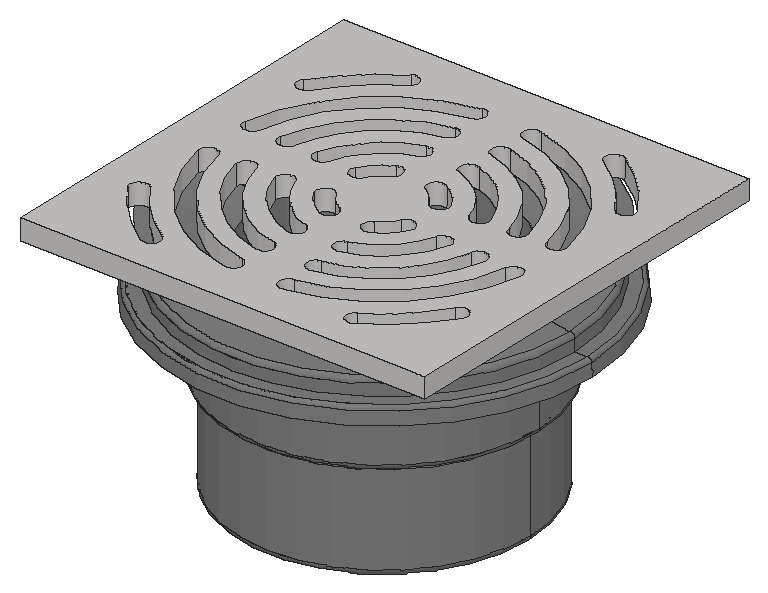
Revit family "PlumbingFixture_Drain_Galvin_DV200S", category Plumbing Fixtures, host Face, Revit 2011
Parameters (values of type "DV4S08SX - ST/ST 316")
  URL = "www.galvinengineering.com.au"
  Type Comments = "Square"
  StyleOrType_ANZRS = "Drain"
  ModifiedIssue_ANZRS = 20140526.01  # constant formula
  Model = "DV4S08SX - ST/ST 316"
  Manufacturer = "Galvin Engineering"
  Keynote = "10800"
  Instructions = "http://www.galvinengineering.com.au/Installation_Guides_1.aspx"
  GrateMaterial = Metal_Drains_Stainless-Steel_15400
  FilterObject_ANZRS = "DV-SX"
  OutletRadius_DoNotEdit = 50 mm
  DimTop = 200 mm  # constant formula
  DimOutlet = if(OutletRadius_DoNotEdit > 0 mm, (OutletRadius_DoNotEdit * 2), (OutletRadius_DoNotEdit * 2))  # 100 mm
  DimGrateHeight = 35 mm  # constant formula
  DimBodyHeight = 92 mm  # constant formula
  DimAdjustableTop = 58 mm  # constant formula
  Description = "Square Vertical Drain Combination - Standard"
  Default Elevation = 0 mm
  CreatedBy_ANZRS = "Galvin Engineering"
  CreatedByURL_ANZRS = "www.galvinengineering.com.au"
  CreatedByPhoneNo_ANZRS = "61-8-92495900"
  Circulation_ANZRS = yes
  CHWFlow_ANZRS = 6.4 L/s
  BodyMaterial = Metal_Drains_Cast-Iron_15400
  Assembly Code = "D2040200"
  Application = "PVC/HDPE"
Types (3, lengths in mm): name | Model | OutletRadius_DoNotEdit | DimOutlet
  (no name) | "DV4S08SX - ST/ST 316" | 50 | 100
  DV4S08SX - ST/ST 316 | "DV4S08SX - ST/ST 316" | 50 | 100
  DV6S08SX - ST/ST 316 | "DV6S08SX - ST/ST 316" | 75 | 150
Reference planes
  plane 1 "Center (Front/Back)": y = 0
  plane 2 "Face": z = 0
  plane 3 "Center (Left/Right)": x = 0
  plane 4 "Left": x = -100
  plane 5 "Right": x = 100
  plane 6 "GrateHeight": z = -35
  plane 7 "Bottom": z = -127
  plane 8 "AdjustableTop": z = 58
Forms (mm)
  Revolve 1, solid, material "Metal_Drains_Cast-Iron_15400" <- "BodyMaterial"
    sketch origin (0, 0, 0) x (1, 0, 0) y (0, 0, 1)
      loop
        arc (102.389, -36.747) -> (101.751, -35.502) -> (100.445, -35.002) r 1.955
        line (100.445, -35.002) -> (94, -35.002) -> (94, -29.316)
        arc (94, -29.316) -> (93.372, -27.659) -> (91.804, -26.834) r 2.5
        line (91.804, -26.834) -> (70.928, -24.277) -> (66.268, -24.277) -> (66.268, -22.776) -> (97, -10) -> (90.744, -10) -> (59.708, -22.902) -> (59.708, -75.162) -> (50, -79.527) -> (50, -127) -> (69.376, -127)
        arc (69.376, -127) -> (71.498, -126.121) -> (72.376, -124) r 3
        line (72.376, -124) -> (72.376, -79.527)
        arc (72.376, -79.527) -> (73.016, -77.984) -> (74.559, -77.345) r 2.183
        arc (74.559, -77.345) -> (76.102, -76.705) -> (76.741, -75.162) r 2.183
        line (76.741, -75.162) -> (76.741, -48.212)
        arc (76.741, -48.212) -> (77.525, -46.191) -> (79.466, -45.225) r 3
        line (79.466, -45.225) -> (103.07, -43.05) -> (102.389, -36.747)
      axis (0, -10) -> (0, -127)
    angle from 0 to 360
  Extrusion 2, solid, material "Metal_Drains_Stainless-Steel_15400" <- "GrateMaterial"
    sketch origin (0, 0, 0) x (1, 0, 0) y (0, 1, 0)
      loop
        line (-100, -100) -> (100, -100) -> (100, 100) -> (-100, 100) -> (-100, -100)
      loop
        arc (-52.958, 82.645) -> (-69.472, 69.531) -> (-82.834, 53.218) r 99
        arc (-82.834, 53.218) -> (-81.533, 46.988) -> (-75.303, 48.289) r 4.5
        arc (-75.303, 48.289) -> (-63.156, 63.119) -> (-48.144, 75.041) r 90
        arc (-48.144, 75.041) -> (-46.749, 81.25) -> (-52.958, 82.645) r 4.5
      loop
        arc (-14.61, 78.671) -> (-57.349, 56.202) -> (-79.709, 13.407) r 81
        arc (-79.709, 13.407) -> (-76.081, 8.178) -> (-70.852, 11.806) r 4.5
        arc (-70.852, 11.806) -> (-50.977, 49.847) -> (-12.987, 69.819) r 72
        arc (-12.987, 69.819) -> (-9.372, 75.057) -> (-14.61, 78.671) r 4.5
      loop
        arc (-13.745, 60.482) -> (-44.605, 43.491) -> (-61.517, 12.588) r 63
        arc (-61.517, 12.588) -> (-58.094, 7.223) -> (-52.729, 10.647) r 4.5
        arc (-52.729, 10.647) -> (-38.232, 37.135) -> (-11.781, 51.699) r 54
        arc (-11.781, 51.699) -> (-8.371, 57.073) -> (-13.745, 60.482) r 4.5
      loop
        arc (-13.02, 42.075) -> (-31.86, 30.779) -> (-43.108, 11.911) r 45
        arc (-43.108, 11.911) -> (-40.088, 6.309) -> (-34.487, 9.328) r 4.5
        arc (-34.487, 9.328) -> (-25.488, 24.423) -> (-10.416, 33.46) r 36
        arc (-10.416, 33.46) -> (-7.411, 39.07) -> (-13.02, 42.075) r 4.5
      loop
        arc (-12.766, 22.792) -> (-19.116, 18.068) -> (-23.824, 11.705) r 27
        arc (-23.824, 11.705) -> (-21.971, 5.617) -> (-15.883, 7.47) r 4.5
        arc (-15.883, 7.47) -> (-12.744, 11.712) -> (-8.51, 14.861) r 18
        arc (-8.51, 14.861) -> (-6.673, 20.954) -> (-12.766, 22.792) r 4.5
      loop
        arc (-82.834, -55.222) -> (-69.472, -71.535) -> (-52.958, -84.649) r 99
        arc (-52.958, -84.649) -> (-46.749, -83.254) -> (-48.144, -77.045) r 4.5
        arc (-48.144, -77.045) -> (-63.156, -65.123) -> (-75.303, -50.293) r 90
        arc (-75.303, -50.293) -> (-81.533, -48.992) -> (-82.834, -55.222) r 4.5
      loop
        arc (-79.671, -15.614) -> (-57.202, -58.353) -> (-14.407, -80.713) r 81
        arc (-14.407, -80.713) -> (-9.178, -77.085) -> (-12.806, -71.856) r 4.5
        arc (-12.806, -71.856) -> (-50.847, -51.981) -> (-70.819, -13.991) r 72
        arc (-70.819, -13.991) -> (-76.057, -10.376) -> (-79.671, -15.614) r 4.5
      loop
        arc (-61.482, -14.749) -> (-44.491, -45.609) -> (-13.588, -62.521) r 63
        arc (-13.588, -62.521) -> (-8.223, -59.098) -> (-11.647, -53.733) r 4.5
        arc (-11.647, -53.733) -> (-38.135, -39.236) -> (-52.699, -12.785) r 54
        arc (-52.699, -12.785) -> (-58.073, -9.375) -> (-61.482, -14.749) r 4.5
      loop
        arc (-43.075, -14.024) -> (-31.779, -32.864) -> (-12.911, -44.112) r 45
        arc (-12.911, -44.112) -> (-7.309, -41.092) -> (-10.328, -35.491) r 4.5
        arc (-10.328, -35.491) -> (-25.423, -26.492) -> (-34.46, -11.42) r 36
        arc (-34.46, -11.42) -> (-40.07, -8.415) -> (-43.075, -14.024) r 4.5
      loop
        arc (-8.47, -16.887) -> (-12.712, -13.748) -> (-15.861, -9.514) r 18
        arc (-15.861, -9.514) -> (-21.954, -7.677) -> (-23.792, -13.77) r 4.5
        arc (-23.792, -13.77) -> (-18.94, -20.247) -> (-12.386, -24.996) r 27
        arc (-12.386, -24.996) -> (-6.553, -22.818) -> (-8.47, -16.887) r 4.5
      loop
        arc (52.958, -84.649) -> (69.472, -71.535) -> (82.834, -55.222) r 99
        arc (82.834, -55.222) -> (81.533, -48.992) -> (75.303, -50.293) r 4.5
        arc (75.303, -50.293) -> (63.156, -65.123) -> (48.144, -77.045) r 90
        arc (48.144, -77.045) -> (46.749, -83.254) -> (52.958, -84.649) r 4.5
      loop
        arc (14.61, -80.675) -> (57.349, -58.206) -> (79.709, -15.411) r 81
        arc (79.709, -15.411) -> (76.081, -10.182) -> (70.852, -13.81) r 4.5
        arc (70.852, -13.81) -> (50.977, -51.851) -> (12.987, -71.823) r 72
        arc (12.987, -71.823) -> (9.372, -77.061) -> (14.61, -80.675) r 4.5
      loop
        arc (13.745, -62.486) -> (44.605, -45.495) -> (61.517, -14.592) r 63
        arc (61.517, -14.592) -> (58.094, -9.227) -> (52.729, -12.651) r 4.5
        arc (52.729, -12.651) -> (38.232, -39.139) -> (11.781, -53.703) r 54
        arc (11.781, -53.703) -> (8.371, -59.077) -> (13.745, -62.486) r 4.5
      loop
        arc (13.02, -44.079) -> (31.86, -32.783) -> (43.108, -13.915) r 45
        arc (43.108, -13.915) -> (40.088, -8.313) -> (34.487, -11.332) r 4.5
        arc (34.487, -11.332) -> (25.488, -26.427) -> (10.416, -35.464) r 36
        arc (10.416, -35.464) -> (7.411, -41.074) -> (13.02, -44.079) r 4.5
      loop
        arc (12.766, -24.796) -> (19.116, -20.072) -> (23.824, -13.709) r 27
        arc (23.824, -13.709) -> (21.971, -7.621) -> (15.883, -9.474) r 4.5
        arc (15.883, -9.474) -> (12.744, -13.716) -> (8.51, -16.865) r 18
        arc (8.51, -16.865) -> (6.673, -22.958) -> (12.766, -24.796) r 4.5
      loop
        arc (82.834, 53.218) -> (69.472, 69.531) -> (52.958, 82.645) r 99
        arc (52.958, 82.645) -> (46.749, 81.25) -> (48.144, 75.041) r 4.5
        arc (48.144, 75.041) -> (63.156, 63.119) -> (75.303, 48.289) r 90
        arc (75.303, 48.289) -> (81.533, 46.988) -> (82.834, 53.218) r 4.5
      loop
        arc (79.671, 13.61) -> (57.202, 56.349) -> (14.407, 78.709) r 81
        arc (14.407, 78.709) -> (9.178, 75.081) -> (12.806, 69.852) r 4.5
        arc (12.806, 69.852) -> (50.847, 49.977) -> (70.819, 11.987) r 72
        arc (70.819, 11.987) -> (76.057, 8.372) -> (79.671, 13.61) r 4.5
      loop
        arc (61.482, 12.745) -> (44.491, 43.605) -> (13.588, 60.517) r 63
        arc (13.588, 60.517) -> (8.223, 57.094) -> (11.647, 51.729) r 4.5
        arc (11.647, 51.729) -> (38.135, 37.232) -> (52.699, 10.781) r 54
        arc (52.699, 10.781) -> (58.073, 7.371) -> (61.482, 12.745) r 4.5
      loop
        arc (43.075, 12.02) -> (31.779, 30.86) -> (12.911, 42.108) r 45
        arc (12.911, 42.108) -> (7.309, 39.088) -> (10.328, 33.487) r 4.5
        arc (10.328, 33.487) -> (25.423, 24.488) -> (34.46, 9.416) r 36
        arc (34.46, 9.416) -> (40.07, 6.411) -> (43.075, 12.02) r 4.5
      loop
        arc (23.792, 11.766) -> (19.068, 18.116) -> (12.705, 22.824) r 27
        arc (12.705, 22.824) -> (6.617, 20.971) -> (8.47, 14.883) r 4.5
        arc (8.47, 14.883) -> (12.712, 11.744) -> (15.861, 7.51) r 18
        arc (15.861, 7.51) -> (21.954, 5.673) -> (23.792, 11.766) r 4.5
    from 0 to -10
  Revolve 3, void
    sketch origin (0, 0, 0) x (1, 0, 0) y (0, 0, 1)
      loop
        arc (102.389, -36.747) -> (101.751, -35.502) -> (100.445, -35.002) r 1.955
        line (100.445, -35.002) -> (94, -35.002) -> (94, -29.316)
        arc (94, -29.316) -> (93.372, -27.659) -> (91.804, -26.834) r 2.5
        line (91.804, -26.834) -> (70.928, -24.277) -> (66.268, -24.277) -> (66.268, -22.776) -> (97, -10) -> (0, -10) -> (0, -127) -> (69.376, -127)
        arc (69.376, -127) -> (71.498, -126.121) -> (72.376, -124) r 3
        line (72.376, -124) -> (72.376, -79.527)
        arc (72.376, -79.527) -> (73.016, -77.984) -> (74.559, -77.345) r 2.183
        arc (74.559, -77.345) -> (76.102, -76.705) -> (76.741, -75.162) r 2.183
        line (76.741, -75.162) -> (76.741, -48.212)
        arc (76.741, -48.212) -> (77.525, -46.191) -> (79.466, -45.225) r 3
        line (79.466, -45.225) -> (103.07, -43.05) -> (102.389, -36.747)
      axis (0, -10) -> (0, -127)
    angle from 0 to 360
  Extrusion 4, void
    sketch origin (0, 0, 0) x (1, 0, 0) y (0, 1, 0)
      loop
        line (-100, -100) -> (100, -100) -> (100, 100) -> (-100, 100) -> (-100, -100)
    from 0 to -10
Lines and regions (mm)
  symbolic lines, style "Waste Outlets"
    curve 1: line (-92, -89, 0) -> (-92, 89, 0)
    curve 2: arc (-92, 89, 0) -> (-91.121, 91.121, 0) -> (-89, 92, 0) r 3
    curve 3: line (-89, 92, 0) -> (89, 92, 0)
    curve 4: arc (89, 92, 0) -> (91.121, 91.121, 0) -> (92, 89, 0) r 3
    curve 5: line (92, 89, 0) -> (92, -89, 0)
    curve 6: arc (92, -89, 0) -> (91.121, -91.121, 0) -> (89, -92, 0) r 3
    curve 7: line (89, -92, 0) -> (-89, -92, 0)
    curve 8: arc (-89, -92, 0) -> (-91.121, -91.121, 0) -> (-92, -89, 0) r 3
    curve 17: circle (-82, -82, 0) r 6 normal (0, 0, 1)
    curve 19: circle (82, -82, 0) r 6 normal (0, 0, 1)
  symbolic lines, style "Waste Outlets", detail levels medium+fine
    curve 9: line (-90.5, -88, 0) -> (-90.5, 86, 0)
    curve 10: arc (-90.5, 86, 0) -> (-89.621, 88.121, 0) -> (-87.5, 89, 0) r 3
    curve 11: line (-87.5, 89, 0) -> (87.5, 89, 0)
    curve 12: arc (87.5, 89, 0) -> (89.621, 88.121, 0) -> (90.5, 86, 0) r 3
    curve 13: line (90.5, 86, 0) -> (90.5, -88, 0)
    curve 14: arc (90.5, -88, 0) -> (89.621, -90.121, 0) -> (87.5, -91, 0) r 3
    curve 15: line (87.5, -91, 0) -> (-87.5, -91, 0)
    curve 16: arc (-87.5, -91, 0) -> (-89.621, -90.121, 0) -> (-90.5, -88, 0) r 3
    curve 18: circle (-82, -82, 0) r 3.673 normal (0, 0, 1)
    curve 20: circle (82, -82, 0) r 3.673 normal (0, 0, 1)
Dimensions and locks
  "DimTop": plane 4 "Left" to plane 5 "Right"
  "DimGrateHeight": host face to plane 6 "GrateHeight"
  "DimBodyHeight": plane 6 "GrateHeight" to plane 7 "Bottom"
  "DimAdjustableTop": plane 8 "AdjustableTop" to plane 2 "Face"
  aligned and locked: plane 2 "Face" to host face
  aligned and locked: level to host face
Automatic sketch dimensions
  curve 17 to curve 18 = 0 mm  (x2)
  curve 19 to curve 20 = 0 mm  (x2)
  curve 1 to plane 4 "Left" = 8 mm
  curve 2 to curve 10 = 1.5 mm  (x2)
  curve 8 to curve 8 = 3 mm
  curve 2 to curve 2 = 3 mm
  curve 8 to curve 15 = 1.5 mm
  curve 16 to curve 18 = 5.5 mm
  curve 19 to plane 5 "Right" = 18 mm
  curve 19 to curve 15 = 5.5 mm
  curve 11 to plane 5 "Right" = 12.5 mm
  curve 11 to curve 4 = 1.5 mm
  curve 14 to curve 6 = 1.5 mm
  curve 6 to curve 13 = 1.5 mm
  curve 13 to curve 6 = 1.5 mm
  plane 1 "Center (Front/Back)" to curve 7 = 92 mm
  curve 8 to curve 16 = 1 mm
  curve 16 to curve 17 = 6 mm
  curve 14 to curve 20 = 6 mm
  curve 10 to plane 1 "Center (Front/Back)" = 86 mm
  curve 12 to curve 5 = 3 mm
  host sketch curve to host sketch curve = 400 mm  (x2)
  Revolve 1 sketch curve to plane 3 "Center (Left/Right)" = 0 mm
  plane 3 "Center (Left/Right)" to Revolve 1 sketch curve = 50 mm
  Revolve 1 sketch curve to Revolve 1 sketch curve = 9.708 mm
  Revolve 1 sketch curve to Revolve 1 sketch curve = 6.56 mm
  Revolve 1 sketch curve to Revolve 1 sketch curve = 19.376 mm
  Revolve 1 sketch curve to Revolve 1 sketch curve = 4.66 mm
  Revolve 1 sketch curve to Revolve 1 sketch curve = 3 mm
  Revolve 1 sketch curve to Revolve 1 sketch curve = 2.183 mm
  Revolve 1 sketch curve to plane 5 "Right" = 23.259 mm
  Revolve 1 sketch curve to Revolve 1 sketch curve = 2.725 mm
  Revolve 1 sketch curve to Revolve 1 sketch curve = 0.275 mm
  Revolve 1 sketch curve to plane 5 "Right" = 9.256 mm
  Revolve 1 sketch curve to plane 5 "Right" = 8.5 mm
  Revolve 1 sketch curve to Revolve 1 sketch curve = 0.304 mm
  Revolve 1 sketch curve to plane 5 "Right" = 6 mm
  Revolve 1 sketch curve to plane 5 "Right" = 3 mm
  plane 5 "Right" to Revolve 1 sketch curve = 0.445 mm
  Revolve 1 sketch curve to Revolve 1 sketch curve = 1.944 mm
  plane 5 "Right" to Revolve 1 sketch curve = 3.07 mm
  Revolve 1 sketch curve to level = 127 mm
  Revolve 1 sketch curve to Revolve 1 sketch curve = 44.491 mm
  Revolve 1 sketch curve to Revolve 1 sketch curve = 47.473 mm
  Revolve 1 sketch curve to Revolve 1 sketch curve = 0 mm  (x2)
  Revolve 1 sketch curve to Revolve 1 sketch curve = 4.365 mm
  Revolve 1 sketch curve to Revolve 1 sketch curve = 26.95 mm
  Revolve 1 sketch curve to Revolve 1 sketch curve = 2.175 mm
  Revolve 1 sketch curve to Revolve 1 sketch curve = 6.093 mm
  Revolve 1 sketch curve to Revolve 1 sketch curve = 0.21 mm
  Revolve 1 sketch curve to Revolve 1 sketch curve = 5.686 mm
  Revolve 1 sketch curve to level = 24.277 mm
  Revolve 1 sketch curve to Revolve 1 sketch curve = 1.374 mm
  Revolve 1 sketch curve to Revolve 1 sketch curve = 1.501 mm
  Revolve 1 sketch curve to level = 10 mm
  level to Revolve 1 sketch curve = 32.491 mm
  Extrusion 2 sketch curve to Extrusion 2 sketch curve = 0 mm  (x819)
  Extrusion 2 sketch curve to plane 4 "Left" = 0 mm
  Extrusion 2 sketch curve to plane 3 "Center (Left/Right)" = 0 mm  (x2)
  Extrusion 2 sketch curve to plane 5 "Right" = 0 mm
  Extrusion 2 sketch curve to plane 4 "Left" = 17.166 mm  (x2)
  Extrusion 2 sketch curve to plane 4 "Left" = 20.291 mm
  Extrusion 2 sketch curve to plane 4 "Left" = 20.329 mm
  Extrusion 2 sketch curve to Extrusion 2 sketch curve = 3.765 mm  (x4)
  Extrusion 2 sketch curve to Extrusion 2 sketch curve = 4.428 mm  (x2)
  Extrusion 2 sketch curve to Extrusion 2 sketch curve = 4.426 mm  (x2)
  Extrusion 2 sketch curve to Extrusion 2 sketch curve = 9.335 mm  (x2)
  Extrusion 2 sketch curve to Extrusion 2 sketch curve = 9.337 mm  (x2)
  Extrusion 2 sketch curve to Extrusion 2 sketch curve = 4.394 mm  (x2)
  Extrusion 2 sketch curve to Extrusion 2 sketch curve = 4.392 mm  (x2)
  Extrusion 2 sketch curve to Extrusion 2 sketch curve = 22.345 mm  (x2)
  Extrusion 2 sketch curve to Extrusion 2 sketch curve = 2.407 mm  (x4)
  Extrusion 2 sketch curve to Extrusion 2 sketch curve = 9.621 mm  (x2)
  Extrusion 2 sketch curve to Extrusion 2 sketch curve = 9.624 mm  (x2)
  Extrusion 2 sketch curve to Extrusion 2 sketch curve = 4.311 mm  (x2)
  Extrusion 2 sketch curve to Extrusion 2 sketch curve = 4.308 mm  (x2)
  Extrusion 2 sketch curve to Extrusion 2 sketch curve = 10.663 mm  (x2)
  Extrusion 2 sketch curve to Extrusion 2 sketch curve = 10.669 mm  (x2)
  Extrusion 2 sketch curve to Extrusion 2 sketch curve = 3.971 mm  (x2)
  Extrusion 2 sketch curve to Extrusion 2 sketch curve = 3.965 mm  (x2)
  Extrusion 2 sketch curve to plane 3 "Center (Left/Right)" = 14.61 mm
  Extrusion 2 sketch curve to plane 3 "Center (Left/Right)" = 14.407 mm
  Extrusion 2 sketch curve to Extrusion 2 sketch curve = 0.812 mm  (x2)
  Extrusion 2 sketch curve to Extrusion 2 sketch curve = 0.758 mm  (x4)
  Extrusion 2 sketch curve to Extrusion 2 sketch curve = 0.8 mm  (x2)
  Extrusion 2 sketch curve to Extrusion 2 sketch curve = 0.782 mm  (x4)
  Extrusion 2 sketch curve to Extrusion 2 sketch curve = 1.239 mm  (x4)
  Extrusion 2 sketch curve to Extrusion 2 sketch curve = 1.264 mm  (x4)
  Extrusion 2 sketch curve to Extrusion 2 sketch curve = 2.349 mm  (x2)
  Extrusion 2 sketch curve to Extrusion 2 sketch curve = 0.982 mm  (x2)
  Extrusion 2 sketch curve to Extrusion 2 sketch curve = 0.971 mm  (x2)
  Extrusion 2 sketch curve to Extrusion 2 sketch curve = 2.057 mm
  Extrusion 2 sketch curve to Extrusion 2 sketch curve = 1.302 mm  (x2)
  Extrusion 2 sketch curve to Extrusion 2 sketch curve = 1.291 mm  (x2)
  Extrusion 2 sketch curve to Extrusion 2 sketch curve = 2.128 mm  (x3)
  Extrusion 2 sketch curve to Extrusion 2 sketch curve = 1.78 mm
  Extrusion 2 sketch curve to Extrusion 2 sketch curve = 0.008 mm
  plane 3 "Center (Left/Right)" to Extrusion 2 sketch curve = 8.47 mm
  plane 3 "Center (Left/Right)" to Extrusion 2 sketch curve = 8.51 mm
  plane 3 "Center (Left/Right)" to Extrusion 2 sketch curve = 10.328 mm
  plane 3 "Center (Left/Right)" to Extrusion 2 sketch curve = 10.416 mm
  Extrusion 2 sketch curve to Extrusion 2 sketch curve = 2.118 mm
  Extrusion 2 sketch curve to plane 1 "Center (Front/Back)" = 7.51 mm
  Extrusion 2 sketch curve to Extrusion 2 sketch curve = 7.391 mm
  Extrusion 2 sketch curve to Extrusion 2 sketch curve = 7.372 mm
  Extrusion 2 sketch curve to Extrusion 2 sketch curve = 33.534 mm
  Extrusion 2 sketch curve to Extrusion 2 sketch curve = 33.737 mm
  Extrusion 2 sketch curve to plane 5 "Right" = 24.697 mm  (x2)
  Extrusion 2 sketch curve to plane 1 "Center (Front/Back)" = 7.47 mm
  plane 1 "Center (Front/Back)" to Extrusion 2 sketch curve = 1 mm
  Extrusion 2 sketch curve to Extrusion 2 sketch curve = 0.004 mm
  plane 1 "Center (Front/Back)" to Extrusion 2 sketch curve = 9.474 mm
  plane 1 "Center (Front/Back)" to Extrusion 2 sketch curve = 9.514 mm
  Extrusion 2 sketch curve to Extrusion 2 sketch curve = 2.377 mm
  Extrusion 2 sketch curve to Extrusion 2 sketch curve = 0.011 mm
  Extrusion 2 sketch curve to Extrusion 2 sketch curve = 34.679 mm  (x2)
  Extrusion 2 sketch curve to Extrusion 2 sketch curve = 34.882 mm  (x2)
  Extrusion 2 sketch curve to Extrusion 2 sketch curve = 44.778 mm
  Extrusion 2 sketch curve to plane 1 "Center (Front/Back)" = 9.328 mm
  Extrusion 2 sketch curve to plane 1 "Center (Front/Back)" = 9.416 mm
  Extrusion 2 sketch curve to Extrusion 2 sketch curve = 46.782 mm
  Revolve 3 sketch curve to plane 3 "Center (Left/Right)" = 0 mm  (x2)
  Revolve 3 sketch curve to plane 5 "Right" = 33.732 mm
  Revolve 3 sketch curve to plane 5 "Right" = 30.624 mm
  Revolve 3 sketch curve to Revolve 3 sketch curve = 4.66 mm
  Revolve 3 sketch curve to Revolve 3 sketch curve = 3 mm
  Revolve 3 sketch curve to Revolve 3 sketch curve = 2.183 mm  (x2)
  Revolve 3 sketch curve to Revolve 3 sketch curve = 2.725 mm
  Revolve 3 sketch curve to Revolve 3 sketch curve = 0.275 mm
  Revolve 3 sketch curve to plane 5 "Right" = 8.5 mm
  Revolve 3 sketch curve to Revolve 3 sketch curve = 0.304 mm
  Revolve 3 sketch curve to plane 5 "Right" = 6 mm
  Revolve 3 sketch curve to plane 5 "Right" = 3 mm
  plane 5 "Right" to Revolve 3 sketch curve = 0.445 mm
  Revolve 3 sketch curve to Revolve 3 sketch curve = 1.944 mm
  plane 5 "Right" to Revolve 3 sketch curve = 3.07 mm
  Revolve 3 sketch curve to level = 127 mm
  Revolve 3 sketch curve to Revolve 3 sketch curve = 44.491 mm
  Revolve 3 sketch curve to Revolve 3 sketch curve = 44.473 mm
  Revolve 3 sketch curve to Revolve 3 sketch curve = 0 mm
  Revolve 3 sketch curve to Revolve 3 sketch curve = 26.95 mm
  Revolve 3 sketch curve to Revolve 3 sketch curve = 2.175 mm
  Revolve 3 sketch curve to Revolve 3 sketch curve = 6.093 mm
  Revolve 3 sketch curve to Revolve 3 sketch curve = 0.21 mm
  Revolve 3 sketch curve to Revolve 3 sketch curve = 5.686 mm
  Revolve 3 sketch curve to Revolve 3 sketch curve = 2.557 mm
  Revolve 3 sketch curve to Revolve 3 sketch curve = 1.501 mm
  Revolve 3 sketch curve to level = 10 mm
  level to Revolve 3 sketch curve = 32.491 mm
  Extrusion 4 sketch curve to plane 4 "Left" = 0 mm
  Extrusion 4 sketch curve to plane 5 "Right" = 0 mm
  plane 1 "Center (Front/Back)" to Extrusion 4 sketch curve = 100 mm
  Extrusion 4 sketch curve to plane 1 "Center (Front/Back)" = 100 mm
  radius of curve 17 = 6 mm
  radius of curve 18 = 3.673 mm
  radius of curve 19 = 6 mm
  radius of curve 20 = 3.673 mm
Connectors
  piping at (0, 0, -127), driven by "OutletRadius_DoNotEdit"
    settings: on Revolve 1, index 1, connector radius 1.9685", flow factor 0, pipe flow 0.0 L/s, pressure drop 0.00 psi, fitting loss kfactor 0, connector angle 0.00°, fixture units 0, engagement length 0 mm, flow configuration 0, flow direction 0, fitting loss method 0, system type 28, joint type 0, gender type 0, connector reference index -1, connector utility 0, adjustable connector no, is connector primary yes, fitting loss table "", connector description ""
